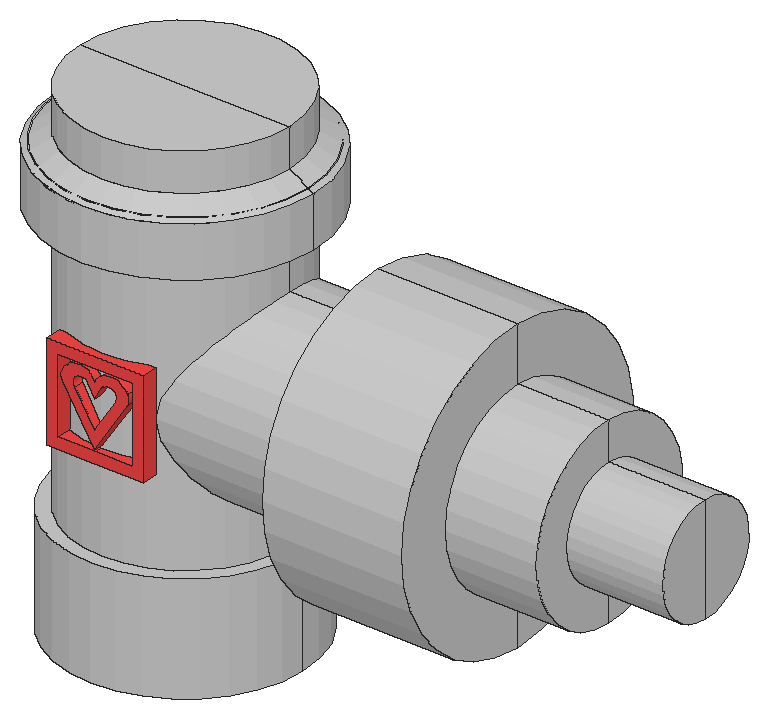
Revit family "Клапан для отключения радиатора HERZ-RL-5 с возможностью гидравлической настройки и слива, угловой 3924", category Rohrzubehör, Revit 2018
Family settings
  Bemaßung runder Anschluss = Durchmesser verwenden
  Teiletyp = Unterbricht
  OmniClass-Nummer = 23.65.55.14
  OmniClass-Titel = Valves for Liquid Services
  Arbeitsebenenbasiert = Nein
  Immer vertikal = Nein
  Beim Laden mit Abzugskörper schneiden = Nein
  Gemeinsam genutzt = Nein
Parameters
  Среда = "Качество воды в соответствии с ÖNORM H 5195 или директивой VDI 2035."
  Область применения = "Система водяного отопления. С помощью установки радиаторных запорных клапанов возможно осуществить перекрытие обратного потока нагревательных приборов. При одновременном перекрытии с клапаном на подающем трубопроводе возможен демонтаж радиатора в системе, которая находится под давлением. Промывку радиатора или ремонт помещения (оклеивание обоями, облицовку плиткой) можно проводить, не прерывая работу системы. С помощью клапана для отключения радиатора HERZ-RL-5 можно настроить расход воды, протекающей через радиатор, в соответствии с требуемой мощностью. Установка данного клапана особенно рекомендуется при монтаже термостатических клапанов без преднастройки, что способствует экономному расходу воды и поддержанию устойчивой работы системы.  При помощи клапана HERZ-RL-5 можно заполнить или опорожнить радиаторы или систему."
  Номер заказа [instance] = size_lookup("3924_5_", "Artnr", 0, Nennweite)  # 1392400
  Макс. рабочее давление = 1000000.0 Pa  # constant formula
  Макс. рабочая температура = 120 °C  # constant formula
  Корпус = "Никелированная латунь"  # constant formula
  Исполнение = "Все модели поставляются в никелированном исполнении, это универсальные модели со специальной муфтой для резьбовой трубы и компрессионных фитингов."
  W01 = 120.00°  # constant formula
  URL = "www.herz-armaturen.ru"
  SCRNSEQ = "ARM;ARM_TYP=\"ALLF\";2"
  SCRNCODE = "05;01;02"  # constant formula
  S04 = 45.000 mm  # constant formula
  S03 [instance] = H02 - 5.000 mm + 41.000 mm  # 54.000 mm
  S02 [instance] = L04 + L03 - L02  # 23.000 mm
  S01 = 10.000 mm  # constant formula
  R04 = 9.750 mm  # constant formula
  R03 = 12.000 mm  # constant formula
  R02 = 9.750 mm  # constant formula
  Nennweite [instance] = 10.000 mm
  LO1 [instance] = D03 - 0.500 mm  # 11.000 mm
  L04 [instance] = size_lookup("3924_5_", "L4", 1.000 mm, Nennweite)  # 17.500 mm
  L03 [instance] = size_lookup("3924_5_", "L3", 1.000 mm, Nennweite)  # 13.000 mm
  L02 [instance] = size_lookup("3924_5_", "L2", 1.000 mm, Nennweite)  # 7.500 mm
  L01 [instance] = size_lookup("3924_5_", "L1", 1.000 mm, Nennweite)  # 25.500 mm
  Hersteller = "HERZ Armaturen Ges.m.b.H."  # constant formula
  H07 [instance] = H02 - H04  # 13.000 mm
  H06 = 3.500 mm  # constant formula
  H05 = 9.500 mm  # constant formula
  H04 = 5.000 mm  # constant formula
  H03 [instance] = size_lookup("3924_5_", "H3", 1.000 mm, Nennweite)  # 10.000 mm
  H02 [instance] = size_lookup("3924_5_", "H2", 1.000 mm, Nennweite)  # 18.000 mm
  H01 [instance] = size_lookup("3924_5_", "H1", 1.000 mm, Nennweite)  # 22.500 mm
  GT1 [instance] = size_lookup("3924_5_", "GT1", 1.000 mm, Nennweite)  # 9.000 mm
  GT [instance] = size_lookup("3924_5_", "GT", 1.000 mm, Nennweite)  # 10.000 mm
  G2 [instance] = Nennweite / 2  # 5.000 mm
  G1 [instance] = Nennweite / 2  # 5.000 mm
  R01 = 11.000 mm  # constant formula
  D06 [instance] = 8.750 mm  # constant formula
  D05 [instance] = size_lookup("3924_5_", "D5", 1.000 mm, Nennweite)  # 8.500 mm
  D04 [instance] = size_lookup("3924_5_", "D4", 1.000 mm, Nennweite)  # 13.500 mm
  D03 [instance] = 11.500 mm  # constant formula
  D02 [instance] = size_lookup("3924_5_", "D2", 1.000 mm, Nennweite)  # 7.940 mm
  D01 [instance] = size_lookup("3924_5_", "D1", 1.000 mm, Nennweite)  # 11.000 mm
Reference planes
  plane 1 "Mitte (Vorne/hinten)": y = 0
  plane 2: z = 0
  plane 3 "Mitte (Links/rechts)": x = 0
Forms (mm)
  Revolve 1, solid, material "Messing, weicher Gelbton, geschweißt", detail levels fine
    sketch origin (0, 0, 0) x (1, 0, 0) y (0, 0, 1)
      loop
        line (0, 18) -> (-11.5, 18) -> (-11.5, 13) -> (-9.75, 13) -> (-9.75, -12.5) -> (-11, -12.5) -> (-11, -22.5) -> (-5, -22.5) -> (-5, -12.5) -> (0, -12.5) -> (0, 18)
      axis (0, 18) -> (0, -22.5)
    angle from 0 to 360
  Revolve 2, solid, material "Messing, weicher Gelbton, geschweißt", detail levels fine
    sketch origin (0, 0, 0) x (1, 0, 0) y (0, 0, 1)
      loop
        line (0, 0) -> (25.5, 0) -> (25.5, 7.94) -> (18, 7.94) -> (18, 8.75) -> (0, 8.75) -> (0, 0)
      axis (0, 0) -> (25.5, 0)
    angle from 0 to 360
  Revolve 3, solid, material "Messing, weicher Gelbton, geschweißt", detail levels fine
    sketch origin (-1, 0, 0) x (1, 0, 0) y (0, 0, 1)
      loop
        line (26.5, 0) -> (49.5, 0) -> (49.5, 5) -> (40.5, 5) -> (40.5, 8.5) -> (32, 8.5) -> (32, 13.5) -> (19, 13.5) -> (19, 7.94) -> (26.5, 7.94) -> (26.5, 0)
      axis (19, 0) -> (49.5, 0)
    angle from 0 to 360
  Revolve 4, solid, material "Messing, weicher Gelbton, geschweißt", detail levels fine
    sketch origin (0, 0, 1.5) x (1, 0, 0) y (0, 0, 1)
      loop
        line (0, 11.5) -> (12, 11.5) -> (12, 16.201) -> (9.75, 17.5) -> (9.75, 21) -> (0, 21) -> (0, 11.5)
      axis (0, 21) -> (0, 11.5)
    angle from 0 to 360
Lines and regions (mm)
  model lines, detail levels coarse+medium
    curve 1: line (0, 0, 0) -> (11, 0, -22.5)
    curve 2: line (11, 0, -22.5) -> (-11, 0, -22.5)
    curve 3: line (-11, 0, -22.5) -> (0, 0, 0)
    curve 4: line (0, 0, 0) -> (25.5, 0, 13.5)
    curve 5: line (25.5, 0, 13.5) -> (25.5, 0, -13.5)
    curve 6: line (25.5, 0, -13.5) -> (0, 0, 0)
    curve 7: line (25.5, 0, 13.5) -> (35.5, 0, 13.5)
    curve 8: line (35.5, 0, 13.5) -> (25.5, 0, 0)
    curve 9: line (25.5, 0, -13.5) -> (35.5, 0, -13.5)
    curve 10: line (35.5, 0, -13.5) -> (25.5, 0, 0)
    curve 11: line (25.5, 0, 0) -> (48.5, 0, 0)
    curve 12: line (0, 0, 0) -> (11, -22.5, 0)
    curve 13: line (11, -22.5, 0) -> (-11, -22.5, 0)
    curve 14: line (-11, -22.5, 0) -> (0, 0, 0)
    curve 15: line (0, 0, 0) -> (25.5, 13.5, 0)
    curve 16: line (25.5, 13.5, 0) -> (25.5, -13.5, 0)
    curve 17: line (25.5, -13.5, 0) -> (0, 0, 0)
    curve 18: line (25.5, 13.5, 0) -> (35.5, 13.5, 0)
    curve 19: line (35.5, 13.5, 0) -> (25.5, 0, 0)
    curve 20: line (25.5, -13.5, 0) -> (35.5, -13.5, 0)
    curve 21: line (25.5, 0, 0) -> (35.5, -13.5, 0)
Dimensions and locks
  "H02": Revolve 1 sketch curve to plane 2
  "H01": plane 2 to Revolve 1 sketch curve
  "G1": Revolve 1 sketch curve to Revolve 1 sketch curve
  "D01": Revolve 1 sketch curve to Revolve 1 sketch curve
  "GT": Revolve 1 sketch curve to Revolve 1 sketch curve
  "H03": Revolve 1 sketch curve to Revolve 1 sketch curve
  "D02": Revolve 2 sketch curve to Revolve 2 sketch curve
  "D06": Revolve 2 sketch curve to Revolve 2 sketch curve
  "L02": Revolve 2 sketch curve to Revolve 2 sketch curve
  "R02": nested 1 to plane 1 "Mitte (Vorne/hinten)"
  "L02": Revolve 3 sketch curve to Revolve 3 sketch curve
  "L03": Revolve 3 sketch curve to Revolve 3 sketch curve
  "L04": Revolve 3 sketch curve to Revolve 3 sketch curve
  "D04": Revolve 3 sketch curve to Revolve 3 sketch curve
  "G2": Revolve 3 sketch curve to Revolve 3 sketch curve
  "D05": Revolve 3 sketch curve to Revolve 3 sketch curve
  "GT1": Revolve 3 sketch curve to Revolve 3 sketch curve
  "L01": plane 3 "Mitte (Links/rechts)" to Revolve 3 sketch curve
  "D02": Revolve 3 sketch curve to plane 2
  "H01": plane 2 to curve 2
  "L01": curve 5 to plane 3 "Mitte (Links/rechts)"
  "D01": curve 2 to plane 3 "Mitte (Links/rechts)" to curve 3
  "D04": curve 5 to plane 2 to curve 6
  "S01": curve 5 to curve 8
  "S01": curve 5 to curve 10
  "S02": curve 11 to curve 11
  "H01": curve 13 to plane 1 "Mitte (Vorne/hinten)"
  "D01": curve 14 to plane 3 "Mitte (Links/rechts)" to curve 13
  "L01": plane 3 "Mitte (Links/rechts)" to curve 16
  "D04": curve 17 to plane 1 "Mitte (Vorne/hinten)" to curve 16
  "S01": curve 16 to curve 19
  "S01": curve 16 to curve 21
  "R02": Revolve 1 sketch curve to Revolve 1 sketch curve
  "D03": Revolve 1 sketch curve to Revolve 1 sketch curve
  "H04": Revolve 1 sketch curve to Revolve 1 sketch curve
  "L01": Revolve 2 sketch curve to plane 3 "Mitte (Links/rechts)"
  "H05": Revolve 4 sketch curve to Revolve 4 sketch curve
  "R04": Revolve 4 sketch curve to Revolve 4 sketch curve
  "R03": Revolve 4 sketch curve to Revolve 4 sketch curve
  "H06": Revolve 4 sketch curve to Revolve 4 sketch curve
  "H07": Revolve 4 sketch curve to plane 2
  "W01": angle Revolve 4 sketch curve to Revolve 4 sketch curve
  aligned and locked: level to plane 2
Automatic sketch dimensions
  curve 4 to level = 0.000 mm
  curve 4 to plane 3 "Mitte (Links/rechts)" = 0.000 mm
  curve 11 to level = 0.000 mm
  curve 8 to level = 0.000 mm
  plane 1 "Mitte (Vorne/hinten)" to curve 14 = 0.000 mm
  curve 14 to plane 3 "Mitte (Links/rechts)" = 0.000 mm
  plane 1 "Mitte (Vorne/hinten)" to curve 19 = 0.000 mm
  Revolve 1 sketch curve to plane 3 "Mitte (Links/rechts)" = 0.000 mm  (x2)
  Revolve 1 sketch curve to Revolve 1 sketch curve = 345.545 mm
  Revolve 1 sketch curve to Revolve 1 sketch curve = 2189.815 mm
  Revolve 2 sketch curve to level = 0.000 mm  (x2)
  Revolve 2 sketch curve to plane 3 "Mitte (Links/rechts)" = 0.000 mm
  Revolve 2 sketch curve to plane 3 "Mitte (Links/rechts)" = 9.500 mm
  Revolve 2 sketch curve to Revolve 2 sketch curve = 1815.148 mm
  Revolve 3 sketch curve to level = 0.000 mm  (x2)
  Revolve 3 sketch curve to plane 3 "Mitte (Links/rechts)" = 1507.530 mm
  Revolve 3 sketch curve to Revolve 3 sketch curve = 1789.648 mm
  Revolve 4 sketch curve to plane 3 "Mitte (Links/rechts)" = 0.000 mm  (x2)
  Revolve 4 sketch curve to level = 364.545 mm
  Revolve 4 sketch curve to Revolve 4 sketch curve = 2188.615 mm
Nested families
  nested 1: "Herz-Logo-vorne" at (0, -9.75, 0) x (0, -1, 0) z (0, 0, 1), type "Herz-Logo-vorne", detail levels fine
Connectors
  piping at (0, 0, -12.5), diameter 10, driven by "Nennweite"
    settings: on Revolve 1, index 1, connector inside diameter 609.6 mm, connector length 0.000 mm, flow factor 0, pipe flow 0.0 L/s, pressure drop 0.0 Pa, fitting loss kfactor 0, connector angle 0.00°, fixture units 0, engagement length 0.000 mm, angle of deflection 0.00°, flow configuration 0, flow direction 1, fitting loss method 0, system type 8, joint type 0, gender type 0, connector reference index -1, connector utility 0, adjustable connector no, is connector primary yes, connector description ""
  piping at (48.5, 0, 0), diameter 10, driven by "Nennweite"
    settings: on Revolve 3, index 2, connector inside diameter 609.6 mm, connector length 0.000 mm, flow factor 0, pipe flow 0.0 L/s, pressure drop 0.0 Pa, fitting loss kfactor 0, connector angle 0.00°, fixture units 0, engagement length 0.000 mm, angle of deflection 0.00°, flow configuration 0, flow direction 2, fitting loss method 0, system type 8, joint type 0, gender type 0, connector reference index -1, connector utility 0, adjustable connector no, is connector primary no, connector description ""
Definition of nested family "Herz-Logo-vorne"
  Reference planes
    plane 1 "Mitte (Vorne/hinten)": y = 0
    plane 2: z = 0
    plane 3 "Mitte (Links/rechts)": x = 0
  Forms (mm)
    Extrusion 1, solid
      sketch origin (0.732, -0.018, 0.017) x (0, -1, 0) y (0, 0, 1)
        loop
          line (-0.018, -4.517) -> (4.482, -4.517) -> (4.482, 4.483) -> (-4.518, 4.483) -> (-4.518, -4.517) -> (-0.018, -4.517)
        loop
          line (-0.05, -3.48) -> (3.482, -3.48) -> (3.482, 3.483) -> (-3.518, 3.483) -> (-3.518, -3.48) -> (-0.05, -3.48)
        loop
          arc (-0.018, 2.383) -> (-1.543, 3.287) -> (-3.067, 2.383) r 1.738
          arc (-3.067, 2.383) -> (-3.191, 1.899) -> (-3.067, 1.415) r 1.009
          line (-3.067, 1.415) -> (-0.018, -3.281) -> (3.032, 1.415)
          arc (3.032, 1.415) -> (3.156, 1.899) -> (3.032, 2.383) r 1.009
          arc (3.032, 2.383) -> (1.507, 3.287) -> (-0.018, 2.383) r 1.738
        loop
          arc (1.885, 1.272) -> (2.005, 1.675) -> (1.885, 2.079) r 0.74
          arc (1.885, 2.079) -> (1.265, 2.416) -> (0.644, 2.079) r 0.74
          line (0.644, 2.079) -> (-0.018, 0.97) -> (-0.679, 2.079)
          arc (-0.679, 2.079) -> (-1.3, 2.416) -> (-1.921, 2.079) r 0.74
          arc (-1.921, 2.079) -> (-2.04, 1.675) -> (-1.921, 1.272) r 0.74
          line (-1.921, 1.272) -> (-0.018, -1.658) -> (1.885, 1.272)
      from 0 to 1.5
  Dimensions and locks
    aligned and locked: level to plane 2
